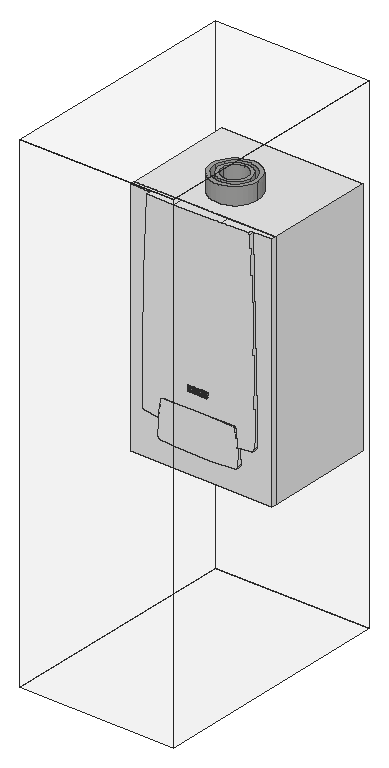
Revit family "Sirius_two_WH_50kW_LOD-5", category Mechanical Equipment, Revit 2014
Parameters (values of type "50kW")
  Weekly = "0"
  Water Treatment Required = yes
  Water Content = 4.0 L
  Warranty ID = "See manufacturers website for warranty options and T&C's"
  Voltage = 230 V
  Uniclass2015 = "Pr_60_60_08"
  URL = ""
  Type = ""
  Turndown Ratio = "9:1"
  Supply Phase = 1
  Starting Current = 0 A
  Sound Pressure Level = "62 dBA"
  Shipping Weight = 50.00 kg
  Shape = "Rectangular (Vertical)"
  Safety Valve Connection Type = "Threaded"
  Safety Valve Connection Size = 12.7 mm
  Responsible Sourcing of Materials = "0"
  Responsible Extraction of Materials = "0"
  Reference Standard = "ISO 9001; ISO 14001"
  Rated Output = 45100 W
  Rated Criteria = "80/60"
  Quarterly = "0"
  Product Range = "Sirius two WH (50kW)"
  Product Model Number = "5138528"
  Product Literature = "http://www.pottertoncommercial.co.uk/products/stainless-steel/sirius-two-wh.htm"
  Primary Fuel = "Gas - NG"
  Overall Width = 450 mm
  Overall Length = 377 mm
  Overall Height = 763 mm
  Optional Fuel = "Gas - LPG"
  Operation and Maintenance Manual = "http://www.pottertoncommercial.co.uk/products/stainless-steel/sirius-two-wh.htm"
  Oil Consumption rate = 0
  Nominal Oil Inlet Pressure = 0.0 bar
  Nominal Gas Inlet Pressure = 0.02 bar
  NOx Emissions = "29 mg/kWh"
  Mounting = "Wall Mounted"
  Monthly = "0"
  Model = "SIRIUS two WH50"  # constant formula
  Minimum Power Consumption = 20 W
  Minimum Operating Pressure = 1.0 bar
  Minimum Oil Inlet Pressure = 0.0 bar
  Minimum Gas Inlet Pressure = 0.018 bar
  Minimum Flow Rate at 20C temperature differential = 0.540 L/s
  Minimum Flow Rate at 11C temperature differential = 0.720 L/s
  Maximum Power Consumption = 80 W
  Maximum Operating Pressure = 4.0 bar
  Maximum Oil Inlet Pressure = 0.0 bar
  Maximum Gas Inlet Pressure = 0.0 bar
  Material Ingredient Reporting = "0"
  Manufacturer Website = "http://www.pottertoncommercial.co.uk/index.htm"
  Manufacturer = "Potterton Commercial"  # constant formula
  Maintenance Required 8001 to 12000hrs = "0"
  Maintenance Required 601 to 1000hrs = "0"
  Maintenance Required 4001 to 8000hrs = "0"
  Maintenance Required 301 to 600hrs = "0"
  Maintenance Required 2001 to 4000hrs = "0"
  Maintenance Required 1001 to 2000hrs = "0"
  Maintenance Required 0 to 300hrs = "0"
  Location of Manufacturer = "0"
  Life Cycle Analysis = "0"
  Interlocks = yes
  IfcExportType = "NOTDEFINED"  # constant formula
  IfcExportAs = "IfcBoilerType"  # constant formula
  IP Rating = "IPX5D"
  IK Rating = "0"
  Hydraulic Resistance at 20C temperature differential = 0.048 bar
  Hydraulic Resistance at 11C temperature differential = 0.085 bar
  Heater Operation = "Condensing"
  Heat Exchanger Material = "Stainless Steel"
  Gross Weight = 40.00 kg
  Green Guide for Specification = "0"
  Gas Consumption rate = "4.9 m3/h"
  Fuse Rating = 0 A
  Full Load Current = 0 A
  Fuel Connection Type = "Threaded"
  Fuel Connection Size = 483.87 mm
  Frequency = 50 Hz
  Flue or Air Intake Classification = "C13; C33; B23"
  Flue Connection size = 80 mm
  Flow and Return Connection Type = "Threaded"
  Flow and Return Connection Size = 645.16 mm
  Finish = "Powder coated"
  Features = "Wall hung boiler, stainless steel heat exchanger, 9:1 modulation, integral pump option"
  External Material = "Steel"
  Expected Life = ">10 years"
  ErP Seasonal Efficiency = "92 %"
  ErP Rated Efficiency at Part Load = "97.1 %"
  ErP Rated Efficiency at Full Load = "87.7 %"
  ErP Energy Label = "A"
  Environmental Product Declaration = "0"
  Energy Technology List = "https://etl.decc.gov.uk/engetl/fox/live/ETL_PUBLIC_PRODUCT_SEARCH/product?PROD_ID=72393"
  Embodied Carbon = "0"
  Drain Connection Type = "Plain"
  Drain Connection Size = 0 mm
  Description = ""
  Daily = "0"
  Control Type = "Optimised, modulating, weather compensating, BMS compatible"
  Configuration = "Single boiler"
  Condensate Drain Type = "Plain"
  Condensate Drain Size = 22 mm
  Colour = "White"
  Clearance Box Visibility [instance] = yes
  CE Mark = "CE-0085CM0128"
  Burner Control Type = "Modulating"
  Building Regulations Seasonal Efficiency = "96.6 %"
  Bespoke Timeframe = "0"
  BMS Links = yes
  Annually = "Annual service according to manufacturers guidance."
  Air Inlet Connection Size = 125 mm
  Additional Technical Details = "http://www.pottertoncommercial.co.uk/products/stainless-steel/sirius-two-wh.htm"
  Access Clearance Top = 300 mm
  Access Clearance Right = 20 mm
  Access Clearance Rear = 0 mm
  Access Clearance Left = 20 mm
  Access Clearance Front = 400 mm
  Access Clearance Bottom = 500 mm
  6 Monthly = "0"
Reference planes
  plane 1 "Center (Front/Back)": y = 0
  plane 2: z = 0
  plane 3 "Center (Left/Right)": x = 0
Forms (mm)
  Extrusion 1, solid, material "Potterton Sirius WH - Cover"
    sketch origin (0, 0, 0) x (1, 0, 0) y (0, 1, 0)
      loop
        line (-225, 0) -> (-225, -347) -> (-217, -347) -> (-217, 0) -> (-225, 0)
      loop
        arc (-225, -362.434) -> (0, -367) -> (225, -362.434) r 5546.295
        line (225, -362.434) -> (225, -349) -> (-225, -349) -> (-225, -362.434)
      loop
        line (225, 0) -> (217, 0) -> (217, -347) -> (225, -347) -> (225, 0)
    from 0 to 763
  Extrusion 2, solid, material "Potterton Sirius WH - Cover"
    sketch origin (0, 0, 0) x (1, 0, 0) y (0, 0, 1)
      loop
        arc (-164.004, 760.224) -> (-174.1, 456.716) -> (-178.52, 153.073) r 16242.047
        arc (-178.52, 153.073) -> (-175.933, 146.303) -> (-169.46, 143.046) r 10.021
        line (-169.46, 143.046) -> (-127.86, 139.413)
        spline (-127.86, 139.413) -> (-127.653, 139.411) -> (-127.447, 139.435) -> (-127.246, 139.485) -> (-127.054, 139.561) -> (-126.872, 139.661) -> (-126.706, 139.783) -> (-126.556, 139.926) -> (-126.426, 140.088) -> (-126.319, 140.264) -> (-126.235, 140.453) -> (-126.176, 140.652) -> (-126.143, 140.856)
        arc (-126.143, 140.856) -> (-123.286, 165.27) -> (-119.321, 189.529) r 539.918
        arc (-119.321, 189.529) -> (-115.708, 195.678) -> (-109, 198.1) r 10.5
        line (-109, 198.1) -> (-74.985, 198.1) -> (74.985, 198.1) -> (109, 198.1)
        arc (109, 198.1) -> (115.708, 195.678) -> (119.321, 189.529) r 10.5
        arc (119.321, 189.529) -> (123.286, 165.27) -> (126.143, 140.856) r 539.862
        spline (126.143, 140.856) -> (126.176, 140.652) -> (126.235, 140.453) -> (126.319, 140.264) -> (126.426, 140.088) -> (126.556, 139.927) -> (126.706, 139.783) -> (126.872, 139.661) -> (127.054, 139.561) -> (127.246, 139.485) -> (127.447, 139.435) -> (127.653, 139.411) -> (127.86, 139.413)
        line (127.86, 139.413) -> (169.46, 143.046)
        arc (169.46, 143.046) -> (175.933, 146.303) -> (178.518, 153.073) r 10.021
        arc (178.518, 153.073) -> (174.091, 456.716) -> (163.987, 760.224) r 16241.927
        arc (163.987, 760.224) -> (163.096, 762.194) -> (161.089, 763) r 2.9
        line (161.089, 763) -> (74.972, 763) -> (-74.972, 763) -> (-161.106, 763)
        arc (-161.106, 763) -> (-163.113, 762.194) -> (-164.004, 760.224) r 2.9
      loop
        line (-74.991, 196.928) -> (-108.993, 196.928)
        arc (-108.993, 196.928) -> (-114.957, 194.775) -> (-118.169, 189.308) r 9.335
        arc (-118.169, 189.308) -> (-125.241, 137.818) -> (-127.327, 85.882) r 539.67
        arc (-127.327, 85.882) -> (-124.809, 79.581) -> (-118.688, 76.655) r 9.327
        arc (-118.688, 76.655) -> (-96.872, 75.188) -> (-75.038, 74.012) r 1643.088
        arc (-75.038, 74.012) -> (0, 72.244) -> (75.038, 74.012) r 1592.844
        arc (75.038, 74.012) -> (96.872, 75.188) -> (118.688, 76.655) r 1643.12
        arc (118.688, 76.655) -> (124.809, 79.581) -> (127.327, 85.881) r 9.327
        arc (127.327, 85.881) -> (125.241, 137.813) -> (118.17, 189.302) r 539.705
        arc (118.17, 189.302) -> (114.959, 194.773) -> (109, 196.928) r 9.334
        line (109, 196.928) -> (74.991, 196.928) -> (-74.991, 196.928)
    from 349 to 377
  Extrusion 3, void
    sketch origin (0, 0, 0) x (1, 0, 0) y (0, 1, 0)
      loop
        line (-225.947, -372.4) -> (-225.947, -390.747) -> (225.947, -390.747) -> (225.947, -372.4)
        arc (225.947, -372.4) -> (0, -377) -> (-225.947, -372.4) r 5551.295
    from 0 to 763
  Extrusion 4, solid, material "Potterton Sirius FS - Logo"
    sketch origin (-369.668, -376.852, 160.982) x (1, 0, 0) y (0, 0, 1)
      loop
        arc (342.971, 100.811) -> (344.366, 99.416) -> (342.971, 98.02) r 1.395
        line (342.971, 98.02) -> (339.501, 98.02) -> (339.501, 93.964) -> (341.208, 93.964) -> (341.208, 96.293) -> (342.971, 96.293)
        arc (342.971, 96.293) -> (344.738, 96.848) -> (345.87, 98.315) r 3.088
        arc (345.87, 98.315) -> (351.536, 94.006) -> (353.627, 100.811) r 4.341
        line (353.627, 100.811) -> (355.933, 100.811) -> (355.933, 93.964) -> (357.701, 93.964) -> (357.701, 100.811) -> (361.06, 100.811) -> (361.06, 93.964) -> (362.813, 93.964) -> (362.813, 100.811) -> (366.054, 100.811) -> (366.054, 93.964) -> (372.032, 93.964) -> (372.032, 95.63) -> (367.807, 95.63) -> (367.807, 97.433) -> (371.262, 97.433)
        arc (371.262, 97.433) -> (372.08, 98.251) -> (371.262, 99.069) r 0.818
        line (371.262, 99.069) -> (367.807, 99.069) -> (367.807, 100.811) -> (375.58, 100.811)
        arc (375.58, 100.811) -> (376.451, 99.94) -> (375.58, 99.069) r 0.871
        line (375.58, 99.069) -> (373.302, 99.069)
        arc (373.302, 99.069) -> (372.52, 98.49) -> (372.845, 97.573) r 0.818
        line (372.845, 97.573) -> (381.32, 91.867)
        arc (381.32, 91.867) -> (382.144, 91.832) -> (382.566, 92.541) r 0.805
        line (382.566, 92.541) -> (382.566, 100.811) -> (385.072, 100.811)
        arc (385.072, 100.811) -> (386.619, 94.222) -> (392.72, 97.151) r 4.341
        line (392.72, 97.151) -> (392.72, 93.964) -> (394.487, 93.964) -> (394.487, 99.069) -> (398.739, 94.236)
        arc (398.739, 94.236) -> (399.755, 93.983) -> (400.351, 94.844) r 0.921
        line (400.351, 94.844) -> (400.351, 101.682)
        arc (400.351, 101.682) -> (399.452, 102.581) -> (398.554, 101.682) r 0.899
        line (398.554, 101.682) -> (398.554, 97.165) -> (394.162, 102.301)
        arc (394.162, 102.301) -> (393.255, 102.537) -> (392.72, 101.768) r 0.819
        line (392.72, 101.768) -> (392.72, 99.124)
        arc (392.72, 99.124) -> (391.302, 101.447) -> (388.78, 102.469) r 4.341
        line (388.78, 102.469) -> (379.034, 102.469)
        arc (379.034, 102.469) -> (378.205, 101.64) -> (379.034, 100.811) r 0.829
        line (379.034, 100.811) -> (380.772, 100.811) -> (380.772, 94.179) -> (375.58, 97.707)
        arc (375.58, 97.707) -> (377.961, 100.088) -> (375.58, 102.469) r 2.381
        line (375.58, 102.469) -> (353.905, 102.469)
        arc (353.905, 102.469) -> (353.223, 102.111) -> (353.129, 101.347) r 0.829
        arc (353.129, 101.347) -> (349.064, 102.325) -> (346.059, 99.418) r 4.341
        arc (346.059, 99.418) -> (345.142, 101.577) -> (342.971, 102.469) r 3.088
        line (342.971, 102.469) -> (339.417, 102.469)
        arc (339.417, 102.469) -> (338.587, 101.64) -> (339.417, 100.811) r 0.829
        line (339.417, 100.811) -> (342.971, 100.811)
      loop
        line (384.051, 92.773) -> (384.051, 91.973) -> (400.157, 91.973) -> (400.157, 92.773) -> (384.051, 92.773)
      loop
        line (339.501, 92.773) -> (339.501, 91.973) -> (378.488, 91.973) -> (378.488, 92.773) -> (339.501, 92.773)
      loop
        arc (340.058, 88.937) -> (338.522, 87.401) -> (340.058, 85.864) r 1.537
        line (340.058, 85.864) -> (399.258, 85.864)
        arc (399.258, 85.864) -> (400.795, 87.401) -> (399.258, 88.937) r 1.537
        line (399.258, 88.937) -> (340.058, 88.937)
      loop
        circle (350.207, 98.138) r 2.591
      loop
        circle (342.971, 99.416) r 0.875
      loop
        circle (388.493, 98.138) r 2.591
    from 0 to 1
  Sweep 5, solid
    path origin (0, 0, -3) x (1, 0, 0) y (0, 0, 1)
      loop
        line (0, 766) -> (0, 819)
    profile origin (0, 0, 789.5) x (-1, 0, 0) y (0, -1, 0)
      loop
        circle (0, 229) r 73.5
      loop
        circle (0, 229) r 62.5
      loop
        circle (0, 229) r 40
      loop
        circle (0, 229) r 50
  Extrusion 6, solid, material "Potterton Sirius WH - Cover"
    sketch origin (0, 0, 0) x (1, 0, 0) y (0, 1, 0)
      loop
        line (-217, 0) -> (-217, -347) -> (217, -347) -> (217, 0) -> (-217, 0)
    from 55 to 763
  Sweep 7, solid
    path origin (0, 0, 0) x (1, 0, 0) y (0, 0, 1)
      loop
        line (0, 55) -> (0, 7)
    profile origin (0, 0, 31) x (0, -1, 0) y (1, 0, 0)
      loop
        circle (95, 102) r 12.7
      loop
        circle (95, 2) r 12.7
      loop
        circle (95, -98) r 9.525
      loop
        circle (67, -177) r 11
  Extrusion 8, solid, material "Glass - Clear - Amber", visible <- "Clearance Box Visibility"
    sketch origin (0, 0, 0) x (1, 0, 0) y (0, 1, 0)
      loop
        line (-245, 0) -> (-245, -777) -> (245, -777) -> (245, 0) -> (-245, 0)
    from -500 to 1063
Cuts and joins
  Extrusion 3 cuts Extrusion 2
  joined: Extrusion 1, Extrusion 2, Extrusion 6
Dimensions and locks
  locked: Sweep 5 sketch curve to profile plane at 229
  locked: Sweep 7 sketch curve to cut or joined group of Extrusion 1, Extrusion 2, Extrusion 3, Extrusion 6 at 123
  locked: Sweep 7 sketch curve to plane 1 "Center (Front/Back)" at 95
  locked: Sweep 7 sketch curve to Sweep 7 sketch curve at 100  (x2)
  locked: Sweep 7 sketch curve to plane 1 "Center (Front/Back)" at 67
  locked: cut or joined group of Extrusion 1, Extrusion 2, Extrusion 3, Extrusion 6 to Sweep 7 sketch curve at 48
  aligned and locked: level to plane 2
  aligned and locked: plane 1 "Center (Front/Back)" to Extrusion 1 sketch curve
  aligned and locked: Extrusion 1 to level
  aligned and locked: Extrusion 3 to level
  aligned and locked: profile plane to Sweep 5 sketch curve
  aligned and locked: Sweep 7 sketch curve to plane 3 "Center (Left/Right)"
  aligned and locked: plane 1 "Center (Front/Back)" to Extrusion 8 sketch curve
Connectors
  piping at (2, -95, 7), diameter 25.4
    settings: on Sweep 7, index 1, connector inside diameter 609.6 mm, connector length 0 mm, flow factor 0, pipe flow 0.000 L/s, pressure drop 0.0 bar, fitting loss kfactor 0, connector angle 0.00°, fixture units 0, engagement length 0 mm, angle of deflection 0.00°, flow configuration 1, flow direction 2, fitting loss method 0, system type 7, joint type 0, gender type 0, connector reference index -1, connector utility 0, adjustable connector no, is connector primary yes, connector description "Supply"
  piping at (102, -95, 7), diameter 25.4
    settings: on Sweep 7, index 2, connector inside diameter 609.6 mm, connector length 0 mm, flow factor 0, pipe flow 0.000 L/s, pressure drop 0.0 bar, fitting loss kfactor 0, connector angle 0.00°, fixture units 0, engagement length 0 mm, angle of deflection 0.00°, flow configuration 0, flow direction 1, fitting loss method 0, system type 8, joint type 0, gender type 0, connector reference index -1, connector utility 0, adjustable connector no, is connector primary no, connector description "Return"
  piping at (-98, -95, 7), diameter 19.1
    settings: on Sweep 7, index 3, connector inside diameter 609.6 mm, connector length 0 mm, flow factor 0, pipe flow 0.000 L/s, pressure drop 0.0 bar, fitting loss kfactor 0, connector angle 0.00°, fixture units 0, engagement length 0 mm, angle of deflection 0.00°, flow configuration 1, flow direction 1, fitting loss method 0, system type 22, joint type 0, gender type 0, connector reference index -1, connector utility 0, adjustable connector no, is connector primary no, connector description "Gas"
  piping at (-177, -67, 7), diameter 22
    settings: on Sweep 7, index 4, connector inside diameter 609.6 mm, connector length 0 mm, flow factor 0, pipe flow 0.000 L/s, pressure drop 0.0 bar, fitting loss kfactor 0, connector angle 0.00°, fixture units 0, engagement length 0 mm, angle of deflection 0.00°, flow configuration 1, flow direction 2, fitting loss method 0, system type 22, joint type 0, gender type 0, connector reference index -1, connector utility 0, adjustable connector no, is connector primary no, connector description "Drain"
  hvac at (0, -229, 816)
    settings: on Sweep 5, index 6, duct flow 0.0 m³/h, flow factor 0, pres drop 0.0 bar, loss coef 0, conn angle 0.00°, conn width 304.8 mm, conn height 304.8 mm, conn diameter 125 mm, duct sys type 3, conn prof type 0, flow config 1, flow direction 2, loss method 0, conn ref index -1, conn util no, is conn primary yes, conn desc "Flue"
